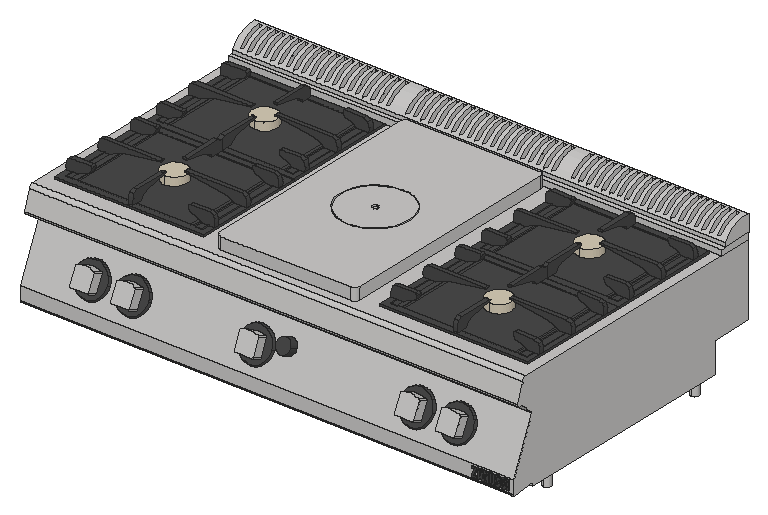
Revit family "QF_ZANUSSI_372012_Z7STGL5000", category Specialty Equipment, Revit 2018
Family settings
  Round Connector Dimension = Use Diameter
  Part Type = Normal
  Work Plane-Based = No
  Always vertical = Yes
  Cut with Voids When Loaded = No
  Shared = No
  Room Calculation Point = No
Parameters
  Weight = 70.00 kg
  Watts = 0 W
  Volts = 0 V
  URL Manufacturer = ""
  URL = ""
  Steam Supply Size = 0"
  Steam Supply Minimum Pressure = 0.00 psi
  Steam Supply Maximum Pressure = 0.00 psi
  Steam Pounds per Hour = 0
  Show Logo [instance] = yes
  Show Clearance [instance] = yes
  Refrigeration Suction Line Size = 0"
  Refrigeration Liquid Line Size = 0"
  Refrigerant Compressor Remote = yes
  Phase = 0
  Model = ""
  Manufacturer = ""
  Length Actual = 1200 mm  # constant formula
  Item Number = ""
  Hot Water Size = 0"
  Height Actual = 250 mm  # constant formula
  HP = "0 HP"
  Gas Size = 0"
  Gas KW = 0
  Gas Input Pressure = 0.0 Btu/h
  Direct Waste Size = 0"
  Description = ""
  Depth Actual = 700 mm  # constant formula
  Cycle = 0 Hz
  Condensate Return Size = 0"
  Compressed Air Volume = 0 GPM
  Compressed Air Size = 0"
  Compressed Air Pressure = 0.00 psi
  Cold Water Size = 0"
  Assembly Code = ""
  Accessory = yes
Reference planes
  plane 1 "BACK": y = 0
  plane 2: z = 0
  plane 3 "LEFT": x = 0
  plane 4 "RIGHT": x = 1200
  plane 5 "FRONT": y = -715
  plane 6 "TOP": z = 900
  plane 7 "Center Y": x = 600
  plane 8 "Center X": y = -357.5
  plane 9: z = 650
  plane 10: z = 957.2
  plane 11: z = 625
Forms (mm)
  Extrusion 1, solid, material "QF_Finishes_Stainless Steel"
    sketch origin (0, 0, 626) x (0, 1, 0) y (0, 0, 1)
      loop
        line (0, 98) -> (0, 274) -> (-676.921, 274)
        arc (-676.921, 274) -> (-683.617, 271.727) -> (-687.546, 265.848) r 11
        line (-687.546, 265.848) -> (-699.862, 219.896)
        arc (-699.862, 219.896) -> (-698.939, 216.124) -> (-695.262, 214.875) r 4.037
        line (-695.262, 214.875) -> (-688.896, 215.997) -> (-659.121, 186.223) -> (-715, 64.815) -> (-715, 31.789)
        arc (-715, 31.789) -> (-713.863, 29.235) -> (-711.204, 28.371) r 3.437
        line (-711.204, 28.371) -> (-655.714, 34.203) -> (-655.714, 24) -> (-103, 24) -> (-103, 98) -> (0, 98)
    from 0 to 1200
  Extrusion 2, solid, material "QF_Finishes_Stainless Steel"
    sketch origin (-6096, 930.775, 650) x (0, 1, 0) y (-1, 0, 0)
      loop
        circle (-1079.775, -6107) r 9.5
      loop
        circle (-1079.775, -7285) r 9.5
      loop
        circle (-1529.775, -7285) r 9.5
      loop
        circle (-1529.775, -6107) r 9.5
    from -25 to 0
  Extrusion 3, solid, material "QF_Finishes_Stainless Steel"
    sketch origin (0, -103.188, 649.813) x (0, 0, 1) y (1, 0, 0)
      loop
        circle (37.187, 1148) r 6.35
    from 0.188 to 26.988
  Extrusion 4, solid, material "QF_Finishes_Clearance", visible <- "Show Clearance", detail levels coarse
    sketch origin (0, 0, 626) x (1, 0, 0) y (0, 1, 0)
      loop
        line (0, -715) -> (0, 0) -> (1200, 0) -> (1200, -715) -> (1350, -715) -> (1350, 150) -> (-150, 150) -> (-150, -715) -> (0, -715)
    from -1 to 331.2
  Extrusion 5, solid, material "QF_Finishes_Stainless Steel"
    sketch origin (17.4, 0, 900.638) x (0, -1, 0) y (1, 0, 0)
      loop
        arc (82.3, 425.3) -> (86.02, 416.32) -> (95, 412.6) r 12.7
        line (95, 412.6) -> (644.6, 412.6)
        arc (644.6, 412.6) -> (653.58, 416.32) -> (657.3, 425.3) r 12.7
        line (657.3, 425.3) -> (657.3, 739.9)
        arc (657.3, 739.9) -> (653.58, 748.88) -> (644.6, 752.6) r 12.7
        line (644.6, 752.6) -> (95, 752.6)
        arc (95, 752.6) -> (86.02, 748.88) -> (82.3, 739.9) r 12.7
        line (82.3, 739.9) -> (82.3, 425.3)
      loop
        circle (384.8, 582.6) r 82.55
      loop
        circle (384.8, 582.749) r 7
      loop
        arc (313.794, 630.138) -> (325.308, 521.513) -> (434.193, 512.789) r 85.532
        arc (434.193, 512.789) -> (460.44, 542.808) -> (470.242, 581.461) r 85.614
        arc (470.242, 581.461) -> (410.186, 664.192) -> (313.794, 630.138) r 85.45
    from 0 to 28.575
  Extrusion 6, solid, material "QF_Finishes_Stainless Steel"
    sketch origin (-0.019, 12.7, 900.638) x (0, -1, 0) y (1, 0, 0)
      loop
        circle (397.5, 600) r 7
    from 0 to 26.981
  Blend 7, solid, material "QF_Finishes_Black"
    base sketch origin (154.705, -688.858, 747.613) x (1, 0, 0) y (0, 0.418102, 0.9084)
      loop
        circle (0, 0) r 42.5
    top sketch origin (154.705, -688.858, 747.613) x (1, 0, 0) y (0, 0.418102, 0.9084)
      loop
        circle (0, 0) r 40.5
    from 0 to 5
  Extrusion 8, solid, material "QF_Finishes_Stainless Steel"
    sketch origin (154.705, -688.858, 747.613) x (1, 0, 0) y (0, 0.418102, 0.9084)
      loop
        arc (-21.147, 22.789) -> (-22.494, 21.685) -> (-23, 20.019) r 2.997
        line (-23, 20.019) -> (-23, -20.019)
        arc (-23, -20.019) -> (-22.122, -22.138) -> (-20.003, -23.016) r 2.997
        line (-20.003, -23.016) -> (20.003, -23.016)
        arc (20.003, -23.016) -> (22.122, -22.138) -> (23, -20.019) r 2.997
        line (23, -20.019) -> (23, 20.019)
        arc (23, 20.019) -> (22.494, 21.685) -> (21.147, 22.789) r 2.997
        arc (21.147, 22.789) -> (0, 26.984) -> (-21.147, 22.789) r 55.4
    from 10 to 34
  Extrusion 9, solid, material "QF_Finishes_Stainless Steel"
    sketch origin (154.705, -688.858, 747.613) x (1, 0, 0) y (0, 0.418102, 0.9084)
      loop
        line (17.5, 17.5) -> (-17.5, 17.5) -> (-17.5, -17.5) -> (17.5, -17.5) -> (17.5, 17.5)
    from 5 to 10
  Extrusion 10, solid, material "QF_Finishes_Stainless Steel"
    sketch origin (254.705, -688.858, 747.613) x (-1, 0, 0) y (0, -0.418102, -0.9084)
      loop
        line (17.5, -17.5) -> (17.5, 17.5) -> (-17.5, 17.5) -> (-17.5, -17.5) -> (17.5, -17.5)
    from 5 to 10
  Blend 11, solid, material "QF_Finishes_Black"
    base sketch origin (254.705, -688.858, 747.613) x (1, 0, 0) y (0, 0.418102, 0.9084)
      loop
        circle (0, 0) r 42.5
    top sketch origin (254.705, -688.858, 747.613) x (1, 0, 0) y (0, 0.418102, 0.9084)
      loop
        circle (0, 0) r 40.5
    from 0 to 5
  Extrusion 12, solid, material "QF_Finishes_Stainless Steel"
    sketch origin (254.705, -688.858, 747.613) x (-1, 0, 0) y (0, -0.418102, -0.9084)
      loop
        arc (-21.147, -22.789) -> (0, -26.984) -> (21.147, -22.789) r 55.4
        arc (21.147, -22.789) -> (22.494, -21.685) -> (23, -20.019) r 2.997
        line (23, -20.019) -> (23, 20.019)
        arc (23, 20.019) -> (22.122, 22.138) -> (20.003, 23.016) r 2.997
        line (20.003, 23.016) -> (-20.003, 23.016)
        arc (-20.003, 23.016) -> (-22.122, 22.138) -> (-23, 20.019) r 2.997
        line (-23, 20.019) -> (-23, -20.019)
        arc (-23, -20.019) -> (-22.494, -21.685) -> (-21.147, -22.789) r 2.997
    from 10 to 34
  Blend 13, solid, material "QF_Finishes_Black"
    base sketch origin (555, -688.858, 747.613) x (1, 0, 0) y (0, 0.418102, 0.9084)
      loop
        circle (0, 0) r 42.5
    top sketch origin (555, -688.858, 747.613) x (1, 0, 0) y (0, 0.418102, 0.9084)
      loop
        circle (0, 0) r 40.5
    from 0 to 5
  Extrusion 14, solid, material "QF_Finishes_Stainless Steel"
    sketch origin (555, -688.858, 747.613) x (1, 0, 0) y (0, 0.418102, 0.9084)
      loop
        arc (-21.147, 22.789) -> (-22.494, 21.685) -> (-23, 20.019) r 2.997
        line (-23, 20.019) -> (-23, -20.019)
        arc (-23, -20.019) -> (-22.122, -22.138) -> (-20.003, -23.016) r 2.997
        line (-20.003, -23.016) -> (20.003, -23.016)
        arc (20.003, -23.016) -> (22.122, -22.138) -> (23, -20.019) r 2.997
        line (23, -20.019) -> (23, 20.019)
        arc (23, 20.019) -> (22.494, 21.685) -> (21.147, 22.789) r 2.997
        arc (21.147, 22.789) -> (0, 26.984) -> (-21.147, 22.789) r 55.4
    from 10 to 34
  Extrusion 15, solid, material "QF_Finishes_Stainless Steel"
    sketch origin (555, -688.858, 747.613) x (1, 0, 0) y (0, 0.418102, 0.9084)
      loop
        line (17.5, 17.5) -> (-17.5, 17.5) -> (-17.5, -17.5) -> (17.5, -17.5) -> (17.5, 17.5)
    from 5 to 10
  Extrusion 16, solid, material "QF_Finishes_Black"
    sketch origin (684.727, -680.496, 765.781) x (1, 0, 0) y (0, 0.418102, 0.9084)
      loop
        circle (-55.001, 0) r 18
    from 3 to 23
  Blend 17, solid, material "QF_Finishes_Black"
    base sketch origin (945.295, -688.858, 747.613) x (1, 0, 0) y (0, 0.418102, 0.9084)
      loop
        circle (0, 0) r 42.5
    top sketch origin (945.295, -688.858, 747.613) x (1, 0, 0) y (0, 0.418102, 0.9084)
      loop
        circle (0, 0) r 40.5
    from 0 to 5
  Extrusion 18, solid, material "QF_Finishes_Stainless Steel"
    sketch origin (945.295, -688.858, 747.613) x (1, 0, 0) y (0, 0.418102, 0.9084)
      loop
        arc (-21.147, 22.789) -> (-22.494, 21.685) -> (-23, 20.019) r 2.997
        line (-23, 20.019) -> (-23, -20.019)
        arc (-23, -20.019) -> (-22.122, -22.138) -> (-20.003, -23.016) r 2.997
        line (-20.003, -23.016) -> (20.003, -23.016)
        arc (20.003, -23.016) -> (22.122, -22.138) -> (23, -20.019) r 2.997
        line (23, -20.019) -> (23, 20.019)
        arc (23, 20.019) -> (22.494, 21.685) -> (21.147, 22.789) r 2.997
        arc (21.147, 22.789) -> (0, 26.984) -> (-21.147, 22.789) r 55.4
    from 10 to 34
  Extrusion 19, solid, material "QF_Finishes_Stainless Steel"
    sketch origin (945.295, -688.858, 747.613) x (1, 0, 0) y (0, 0.418102, 0.9084)
      loop
        line (17.5, 17.5) -> (-17.5, 17.5) -> (-17.5, -17.5) -> (17.5, -17.5) -> (17.5, 17.5)
    from 5 to 10
  Extrusion 20, solid, material "QF_Finishes_Stainless Steel"
    sketch origin (1045.295, -688.858, 747.613) x (-1, 0, 0) y (0, -0.418102, -0.9084)
      loop
        line (17.5, -17.5) -> (17.5, 17.5) -> (-17.5, 17.5) -> (-17.5, -17.5) -> (17.5, -17.5)
    from 5 to 10
  Blend 21, solid, material "QF_Finishes_Black"
    base sketch origin (1045.295, -688.858, 747.613) x (1, 0, 0) y (0, 0.418102, 0.9084)
      loop
        circle (0, 0) r 42.5
    top sketch origin (1045.295, -688.858, 747.613) x (1, 0, 0) y (0, 0.418102, 0.9084)
      loop
        circle (0, 0) r 40.5
    from 0 to 5
  Extrusion 22, solid, material "QF_Finishes_Stainless Steel"
    sketch origin (1045.295, -688.858, 747.613) x (-1, 0, 0) y (0, -0.418102, -0.9084)
      loop
        arc (-21.147, -22.789) -> (0, -26.984) -> (21.147, -22.789) r 55.4
        arc (21.147, -22.789) -> (22.494, -21.685) -> (23, -20.019) r 2.997
        line (23, -20.019) -> (23, 20.019)
        arc (23, 20.019) -> (22.122, 22.138) -> (20.003, 23.016) r 2.997
        line (20.003, 23.016) -> (-20.003, 23.016)
        arc (-20.003, 23.016) -> (-22.122, 22.138) -> (-23, 20.019) r 2.997
        line (-23, 20.019) -> (-23, -20.019)
        arc (-23, -20.019) -> (-22.494, -21.685) -> (-21.147, -22.789) r 2.997
    from 10 to 34
  Extrusion 23, solid, material "QF_Finishes_Stainless Steel"
    sketch origin (0, 0, 625.388) x (0, 1, 0) y (0, 0, 1)
      loop
        line (0, 274.612) -> (0, 288.9) -> (-82, 288.9) -> (-82, 274.612) -> (0, 274.612)
    from 0 to 1200
  Extrusion 24, void
    sketch origin (34.989, 0, 914.313) x (-1, 0, 0) y (0, -1, 0)
      loop
        line (-335.017, 6.761) -> (-335.017, 63.911) -> (-344.313, 63.911) -> (-344.313, 6.761) -> (-335.017, 6.761)
      loop
        line (-316.325, 6.761) -> (-316.325, 63.911) -> (-325.62, 63.911) -> (-325.62, 6.761) -> (-316.325, 6.761)
      loop
        line (-297.632, 6.761) -> (-297.632, 63.911) -> (-306.928, 63.911) -> (-306.928, 6.761) -> (-297.632, 6.761)
      loop
        line (-278.94, 6.761) -> (-278.94, 63.911) -> (-288.235, 63.911) -> (-288.235, 6.761) -> (-278.94, 6.761)
      loop
        line (-260.247, 6.761) -> (-260.247, 63.911) -> (-269.543, 63.911) -> (-269.543, 6.761) -> (-260.247, 6.761)
      loop
        line (-241.554, 6.761) -> (-241.554, 63.911) -> (-250.85, 63.911) -> (-250.85, 6.761) -> (-241.554, 6.761)
      loop
        line (-222.862, 6.761) -> (-222.862, 63.911) -> (-232.157, 63.911) -> (-232.157, 6.761) -> (-222.862, 6.761)
      loop
        line (-204.169, 6.761) -> (-204.169, 63.911) -> (-213.465, 63.911) -> (-213.465, 6.761) -> (-204.169, 6.761)
      loop
        line (-185.476, 6.761) -> (-185.476, 63.911) -> (-194.772, 63.911) -> (-194.772, 6.761) -> (-185.476, 6.761)
      loop
        line (-166.784, 6.761) -> (-166.784, 63.911) -> (-176.08, 63.911) -> (-176.08, 6.761) -> (-166.784, 6.761)
      loop
        line (-148.091, 6.761) -> (-148.091, 63.911) -> (-157.387, 63.911) -> (-157.387, 6.761) -> (-148.091, 6.761)
      loop
        line (-129.399, 6.761) -> (-129.399, 63.911) -> (-138.694, 63.911) -> (-138.694, 6.761) -> (-129.399, 6.761)
      loop
        line (-110.706, 6.761) -> (-110.706, 63.911) -> (-120.002, 63.911) -> (-120.002, 6.761) -> (-110.706, 6.761)
      loop
        line (-92.013, 6.761) -> (-92.013, 63.911) -> (-101.309, 63.911) -> (-101.309, 6.761) -> (-92.013, 6.761)
      loop
        line (-73.321, 6.761) -> (-73.321, 63.911) -> (-82.617, 63.911) -> (-82.617, 6.761) -> (-73.321, 6.761)
      loop
        line (-54.628, 6.761) -> (-54.628, 63.911) -> (-63.924, 63.911) -> (-63.924, 6.761) -> (-54.628, 6.761)
      loop
        line (-35.936, 6.761) -> (-35.936, 63.911) -> (-45.231, 63.911) -> (-45.231, 6.761) -> (-35.936, 6.761)
      loop
        line (-17.243, 6.761) -> (-17.243, 63.911) -> (-26.539, 63.911) -> (-26.539, 6.761) -> (-17.243, 6.761)
      loop
        line (1.45, 6.761) -> (1.45, 63.911) -> (-7.846, 63.911) -> (-7.846, 6.761) -> (1.45, 6.761)
      loop
        line (20.142, 6.761) -> (20.142, 63.911) -> (10.846, 63.911) -> (10.846, 6.761) -> (20.142, 6.761)
      loop
        line (-795.005, 6.761) -> (-785.709, 6.761) -> (-785.709, 63.911) -> (-795.005, 63.911) -> (-795.005, 6.761)
      loop
        line (-813.697, 6.761) -> (-804.401, 6.761) -> (-804.401, 63.911) -> (-813.697, 63.911) -> (-813.697, 6.761)
      loop
        line (-832.39, 6.761) -> (-823.094, 6.761) -> (-823.094, 63.911) -> (-832.39, 63.911) -> (-832.39, 6.761)
      loop
        line (-851.082, 6.761) -> (-841.787, 6.761) -> (-841.787, 63.911) -> (-851.082, 63.911) -> (-851.082, 6.761)
      loop
        line (-869.775, 6.761) -> (-860.479, 6.761) -> (-860.479, 63.911) -> (-869.775, 63.911) -> (-869.775, 6.761)
      loop
        line (-888.468, 6.761) -> (-879.172, 6.761) -> (-879.172, 63.911) -> (-888.468, 63.911) -> (-888.468, 6.761)
      loop
        line (-907.16, 6.761) -> (-897.864, 6.761) -> (-897.864, 63.911) -> (-907.16, 63.911) -> (-907.16, 6.761)
      loop
        line (-925.853, 6.761) -> (-916.557, 6.761) -> (-916.557, 63.911) -> (-925.853, 63.911) -> (-925.853, 6.761)
      loop
        line (-944.545, 6.761) -> (-935.25, 6.761) -> (-935.25, 63.911) -> (-944.545, 63.911) -> (-944.545, 6.761)
      loop
        line (-963.238, 6.761) -> (-953.942, 6.761) -> (-953.942, 63.911) -> (-963.238, 63.911) -> (-963.238, 6.761)
      loop
        line (-981.931, 6.761) -> (-972.635, 6.761) -> (-972.635, 63.911) -> (-981.931, 63.911) -> (-981.931, 6.761)
      loop
        line (-1000.623, 6.761) -> (-991.328, 6.761) -> (-991.328, 63.911) -> (-1000.623, 63.911) -> (-1000.623, 6.761)
      loop
        line (-1019.316, 6.761) -> (-1010.02, 6.761) -> (-1010.02, 63.911) -> (-1019.316, 63.911) -> (-1019.316, 6.761)
      loop
        line (-1038.008, 6.761) -> (-1028.713, 6.761) -> (-1028.713, 63.911) -> (-1038.008, 63.911) -> (-1038.008, 6.761)
      loop
        line (-1056.701, 6.761) -> (-1047.405, 6.761) -> (-1047.405, 63.911) -> (-1056.701, 63.911) -> (-1056.701, 6.761)
      loop
        line (-1075.394, 6.761) -> (-1066.098, 6.761) -> (-1066.098, 63.911) -> (-1075.394, 63.911) -> (-1075.394, 6.761)
      loop
        line (-1094.086, 6.761) -> (-1084.791, 6.761) -> (-1084.791, 63.911) -> (-1094.086, 63.911) -> (-1094.086, 6.761)
      loop
        line (-1112.779, 6.761) -> (-1103.483, 6.761) -> (-1103.483, 63.911) -> (-1112.779, 63.911) -> (-1112.779, 6.761)
      loop
        line (-1131.472, 6.761) -> (-1122.176, 6.761) -> (-1122.176, 63.911) -> (-1131.472, 63.911) -> (-1131.472, 6.761)
      loop
        line (-1150.164, 6.761) -> (-1140.868, 6.761) -> (-1140.868, 63.911) -> (-1150.164, 63.911) -> (-1150.164, 6.761)
      loop
        line (-392.079, 6.761) -> (-382.783, 6.761) -> (-382.783, 63.911) -> (-392.079, 63.911) -> (-392.079, 6.761)
      loop
        line (-410.772, 6.761) -> (-401.476, 6.761) -> (-401.476, 63.911) -> (-410.772, 63.911) -> (-410.772, 6.761)
      loop
        line (-429.464, 6.761) -> (-420.169, 6.761) -> (-420.169, 63.911) -> (-429.464, 63.911) -> (-429.464, 6.761)
      loop
        line (-448.157, 6.761) -> (-438.861, 6.761) -> (-438.861, 63.911) -> (-448.157, 63.911) -> (-448.157, 6.761)
      loop
        line (-466.849, 6.761) -> (-457.554, 6.761) -> (-457.554, 63.911) -> (-466.849, 63.911) -> (-466.849, 6.761)
      loop
        line (-485.542, 6.761) -> (-476.246, 6.761) -> (-476.246, 63.911) -> (-485.542, 63.911) -> (-485.542, 6.761)
      loop
        line (-504.235, 6.761) -> (-494.939, 6.761) -> (-494.939, 63.911) -> (-504.235, 63.911) -> (-504.235, 6.761)
      loop
        line (-522.927, 6.761) -> (-513.632, 6.761) -> (-513.632, 63.911) -> (-522.927, 63.911) -> (-522.927, 6.761)
      loop
        line (-541.62, 6.761) -> (-532.324, 6.761) -> (-532.324, 63.911) -> (-541.62, 63.911) -> (-541.62, 6.761)
      loop
        line (-560.313, 6.761) -> (-551.017, 6.761) -> (-551.017, 63.911) -> (-560.313, 63.911) -> (-560.313, 6.761)
      loop
        line (-579.005, 6.761) -> (-569.709, 6.761) -> (-569.709, 63.911) -> (-579.005, 63.911) -> (-579.005, 6.761)
      loop
        line (-597.698, 6.761) -> (-588.402, 6.761) -> (-588.402, 63.911) -> (-597.698, 63.911) -> (-597.698, 6.761)
      loop
        line (-616.39, 6.761) -> (-607.095, 6.761) -> (-607.095, 63.911) -> (-616.39, 63.911) -> (-616.39, 6.761)
      loop
        line (-635.083, 6.761) -> (-625.787, 6.761) -> (-625.787, 63.911) -> (-635.083, 63.911) -> (-635.083, 6.761)
      loop
        line (-653.776, 6.761) -> (-644.48, 6.761) -> (-644.48, 63.911) -> (-653.776, 63.911) -> (-653.776, 6.761)
      loop
        line (-672.468, 6.761) -> (-663.172, 6.761) -> (-663.172, 63.911) -> (-672.468, 63.911) -> (-672.468, 6.761)
      loop
        line (-691.161, 6.761) -> (-681.865, 6.761) -> (-681.865, 63.911) -> (-691.161, 63.911) -> (-691.161, 6.761)
      loop
        line (-709.853, 6.761) -> (-700.558, 6.761) -> (-700.558, 63.911) -> (-709.853, 63.911) -> (-709.853, 6.761)
      loop
        line (-728.546, 6.761) -> (-719.25, 6.761) -> (-719.25, 63.911) -> (-728.546, 63.911) -> (-728.546, 6.761)
      loop
        line (-747.239, 6.761) -> (-737.943, 6.761) -> (-737.943, 63.911) -> (-747.239, 63.911) -> (-747.239, 6.761)
    from 9.525 to 45.348
  Extrusion 25, solid, material "QF_Finishes_Stainless Steel"
    sketch origin (0, 0, 639.675) x (0, 1, 0) y (0, 0, 1)
      loop
        line (0, 274.613) -> (0, 317.5)
        arc (0, 317.5) -> (-38.885, 309.109) -> (-69.85, 284.137) r 86.116
        line (-69.85, 284.137) -> (-69.85, 274.613) -> (0, 274.613)
    from 0 to 1200
Cuts and joins
  Extrusion 24 cuts Extrusion 25
Lines and regions (mm)
  symbolic lines
    curve 1: line (0, 0, 0) -> (0, -715, 0)
    curve 2: line (1200, 0, 0) -> (0, 0, 0)
    curve 3: line (1200, -715, 0) -> (1200, 0, 0)
    curve 4: line (0, -76.2, 0) -> (1200, -76.2, 0)
    curve 5: line (0, -69.85, 0) -> (1200, -69.85, 0)
    curve 6: line (14.847, -63.911, 0) -> (14.847, -6.761, 0)
    curve 7: line (14.847, -6.761, 0) -> (24.143, -6.761, 0)
    curve 8: line (24.143, -6.761, 0) -> (24.143, -63.911, 0)
    curve 9: line (24.143, -63.911, 0) -> (14.847, -63.911, 0)
    curve 10: line (33.539, -63.911, 0) -> (33.539, -6.761, 0)
    curve 11: line (33.539, -6.761, 0) -> (42.835, -6.761, 0)
    curve 12: line (42.835, -6.761, 0) -> (42.835, -63.911, 0)
    curve 13: line (42.835, -63.911, 0) -> (33.539, -63.911, 0)
    curve 14: line (52.232, -63.911, 0) -> (52.232, -6.761, 0)
    curve 15: line (52.232, -6.761, 0) -> (61.528, -6.761, 0)
    curve 16: line (61.528, -6.761, 0) -> (61.528, -63.911, 0)
    curve 17: line (61.528, -63.911, 0) -> (52.232, -63.911, 0)
    curve 18: line (70.925, -63.911, 0) -> (70.925, -6.761, 0)
    curve 19: line (70.925, -6.761, 0) -> (80.22, -6.761, 0)
    curve 20: line (80.22, -6.761, 0) -> (80.22, -63.911, 0)
    curve 21: line (80.22, -63.911, 0) -> (70.925, -63.911, 0)
    curve 22: line (89.617, -63.911, 0) -> (89.617, -6.761, 0)
    curve 23: line (89.617, -6.761, 0) -> (98.913, -6.761, 0)
    curve 24: line (98.913, -6.761, 0) -> (98.913, -63.911, 0)
    curve 25: line (98.913, -63.911, 0) -> (89.617, -63.911, 0)
    curve 26: line (108.31, -63.911, 0) -> (108.31, -6.761, 0)
    curve 27: line (108.31, -6.761, 0) -> (117.606, -6.761, 0)
    curve 28: line (117.606, -6.761, 0) -> (117.606, -63.911, 0)
    curve 29: line (117.606, -63.911, 0) -> (108.31, -63.911, 0)
    curve 30: line (127.002, -63.911, 0) -> (127.002, -6.761, 0)
    curve 31: line (127.002, -6.761, 0) -> (136.298, -6.761, 0)
    curve 32: line (136.298, -6.761, 0) -> (136.298, -63.911, 0)
    curve 33: line (136.298, -63.911, 0) -> (127.002, -63.911, 0)
    curve 34: line (145.695, -63.911, 0) -> (145.695, -6.761, 0)
    curve 35: line (145.695, -6.761, 0) -> (154.991, -6.761, 0)
    curve 36: line (154.991, -6.761, 0) -> (154.991, -63.911, 0)
    curve 37: line (154.991, -63.911, 0) -> (145.695, -63.911, 0)
    curve 38: line (164.388, -63.911, 0) -> (164.388, -6.761, 0)
    curve 39: line (164.388, -6.761, 0) -> (173.683, -6.761, 0)
    curve 40: line (173.683, -6.761, 0) -> (173.683, -63.911, 0)
    curve 41: line (173.683, -63.911, 0) -> (164.388, -63.911, 0)
    curve 42: line (183.08, -63.911, 0) -> (183.08, -6.761, 0)
    curve 43: line (183.08, -6.761, 0) -> (192.376, -6.761, 0)
    curve 44: line (192.376, -6.761, 0) -> (192.376, -63.911, 0)
    curve 45: line (192.376, -63.911, 0) -> (183.08, -63.911, 0)
    curve 46: line (201.773, -63.911, 0) -> (201.773, -6.761, 0)
    curve 47: line (201.773, -6.761, 0) -> (211.069, -6.761, 0)
    curve 48: line (211.069, -6.761, 0) -> (211.069, -63.911, 0)
    curve 49: line (211.069, -63.911, 0) -> (201.773, -63.911, 0)
    curve 50: line (220.466, -63.911, 0) -> (220.466, -6.761, 0)
    curve 51: line (220.466, -6.761, 0) -> (229.761, -6.761, 0)
    curve 52: line (229.761, -6.761, 0) -> (229.761, -63.911, 0)
    curve 53: line (229.761, -63.911, 0) -> (220.466, -63.911, 0)
    curve 54: line (239.158, -63.911, 0) -> (239.158, -6.761, 0)
    curve 55: line (239.158, -6.761, 0) -> (248.454, -6.761, 0)
    curve 56: line (248.454, -6.761, 0) -> (248.454, -63.911, 0)
    curve 57: line (248.454, -63.911, 0) -> (239.158, -63.911, 0)
    curve 58: line (370.006, -63.911, 0) -> (370.006, -6.761, 0)
    curve 59: line (370.006, -6.761, 0) -> (379.302, -6.761, 0)
    curve 60: line (379.302, -6.761, 0) -> (379.302, -63.911, 0)
    curve 61: line (379.302, -63.911, 0) -> (370.006, -63.911, 0)
    curve 62: line (351.314, -63.911, 0) -> (351.314, -6.761, 0)
    curve 63: line (351.314, -6.761, 0) -> (360.61, -6.761, 0)
    curve 64: line (360.61, -6.761, 0) -> (360.61, -63.911, 0)
    curve 65: line (360.61, -63.911, 0) -> (351.314, -63.911, 0)
    curve 66: line (332.621, -63.911, 0) -> (332.621, -6.761, 0)
    curve 67: line (332.621, -6.761, 0) -> (341.917, -6.761, 0)
    curve 68: line (341.917, -6.761, 0) -> (341.917, -63.911, 0)
    curve 69: line (341.917, -63.911, 0) -> (332.621, -63.911, 0)
    curve 70: line (313.929, -63.911, 0) -> (313.929, -6.761, 0)
    curve 71: line (313.929, -6.761, 0) -> (323.224, -6.761, 0)
    curve 72: line (323.224, -6.761, 0) -> (323.224, -63.911, 0)
    curve 73: line (323.224, -63.911, 0) -> (313.929, -63.911, 0)
    curve 74: line (295.236, -63.911, 0) -> (295.236, -6.761, 0)
    curve 75: line (295.236, -6.761, 0) -> (304.532, -6.761, 0)
    curve 76: line (304.532, -6.761, 0) -> (304.532, -63.911, 0)
    curve 77: line (304.532, -63.911, 0) -> (295.236, -63.911, 0)
    curve 78: line (276.543, -63.911, 0) -> (276.543, -6.761, 0)
    curve 79: line (276.543, -6.761, 0) -> (285.839, -6.761, 0)
    curve 80: line (285.839, -6.761, 0) -> (285.839, -63.911, 0)
    curve 81: line (285.839, -63.911, 0) -> (276.543, -63.911, 0)
    curve 82: line (257.851, -63.911, 0) -> (257.851, -6.761, 0)
    curve 83: line (257.851, -6.761, 0) -> (267.146, -6.761, 0)
    curve 84: line (267.146, -6.761, 0) -> (267.146, -63.911, 0)
    curve 85: line (267.146, -63.911, 0) -> (257.851, -63.911, 0)
    curve 89: line (430, -95, 150) -> (430, -644.6, 150)
    curve 90: arc (430, -644.6, 150) -> (433.72, -653.58, 150) -> (442.7, -657.3, 150) r 12.7
    curve 91: line (442.7, -657.3, 150) -> (757.3, -657.3, 150)
    curve 92: line (757.3, -82.3, 150) -> (442.7, -82.3, 150)
    curve 93: arc (442.7, -82.3, 150) -> (433.72, -86.02, 150) -> (430, -95, 150) r 12.7
    curve 94: line (770, -644.6, 150) -> (770, -95, 150)
    curve 95: arc (770, -95, 150) -> (766.28, -86.02, 150) -> (757.3, -82.3, 150) r 12.7
    curve 96: arc (757.3, -657.3, 150) -> (766.28, -653.58, 150) -> (770, -644.6, 150) r 12.7
    curve 97: arc (610.598, -469.59, 150) -> (543.814, -449.18, 150) -> (514.556, -385.772, 150) r 85.45
    curve 98: arc (608.565, -299.78, 150) -> (662.771, -326.821, 150) -> (685.431, -382.999, 150) r 85.45
    curve 99: arc (600, -302.25, 150) -> (517.45, -384.8, 150) -> (600, -467.35, 150) r 82.55
    curve 100: arc (600, -467.35, 150) -> (682.55, -384.8, 150) -> (600, -302.25, 150) r 82.55
    curve 101: arc (600, -377.8, 150) -> (607, -384.8, 150) -> (600, -391.8, 150) r 7
    curve 102: arc (600, -391.8, 150) -> (593, -384.8, 150) -> (600, -377.8, 150) r 7
    curve 103: line (430, -382.999, 150) -> (514.569, -382.999, 150)
    curve 104: line (430, -385.772, 150) -> (514.556, -385.772, 150)
    curve 105: line (685.444, -385.772, 150) -> (770, -385.772, 150)
    curve 106: line (685.431, -382.999, 150) -> (770, -382.999, 150)
    curve 107: arc (514.569, -382.999, 150) -> (543.357, -320.821, 150) -> (608.565, -299.78, 150) r 85.45
    curve 108: arc (685.444, -385.772, 150) -> (663.737, -441.715, 150) -> (610.598, -469.59, 150) r 85.45
    curve 109: line (417.772, -63.911, 0) -> (417.772, -6.761, 0)
    curve 110: line (417.772, -6.761, 0) -> (427.068, -6.761, 0)
    curve 111: line (427.068, -6.761, 0) -> (427.068, -63.911, 0)
    curve 112: line (427.068, -63.911, 0) -> (417.772, -63.911, 0)
    curve 113: line (436.465, -63.911, 0) -> (436.465, -6.761, 0)
    curve 114: line (436.465, -6.761, 0) -> (445.761, -6.761, 0)
    curve 115: line (445.761, -6.761, 0) -> (445.761, -63.911, 0)
    curve 116: line (445.761, -63.911, 0) -> (436.465, -63.911, 0)
    curve 117: line (455.158, -63.911, 0) -> (455.158, -6.761, 0)
    curve 118: line (455.158, -6.761, 0) -> (464.453, -6.761, 0)
    curve 119: line (464.453, -6.761, 0) -> (464.453, -63.911, 0)
    curve 120: line (464.453, -63.911, 0) -> (455.158, -63.911, 0)
    curve 121: line (473.85, -63.911, 0) -> (473.85, -6.761, 0)
    curve 122: line (473.85, -6.761, 0) -> (483.146, -6.761, 0)
    curve 123: line (483.146, -6.761, 0) -> (483.146, -63.911, 0)
    curve 124: line (483.146, -63.911, 0) -> (473.85, -63.911, 0)
    curve 125: line (492.543, -63.911, 0) -> (492.543, -6.761, 0)
    curve 126: line (492.543, -6.761, 0) -> (501.839, -6.761, 0)
    curve 127: line (501.839, -6.761, 0) -> (501.839, -63.911, 0)
    curve 128: line (501.839, -63.911, 0) -> (492.543, -63.911, 0)
    curve 129: line (511.235, -63.911, 0) -> (511.235, -6.761, 0)
    curve 130: line (511.235, -6.761, 0) -> (520.531, -6.761, 0)
    curve 131: line (520.531, -6.761, 0) -> (520.531, -63.911, 0)
    curve 132: line (520.531, -63.911, 0) -> (511.235, -63.911, 0)
    curve 133: line (529.928, -63.911, 0) -> (529.928, -6.761, 0)
    curve 134: line (529.928, -6.761, 0) -> (539.224, -6.761, 0)
    curve 135: line (539.224, -6.761, 0) -> (539.224, -63.911, 0)
    curve 136: line (539.224, -63.911, 0) -> (529.928, -63.911, 0)
    curve 137: line (548.621, -63.911, 0) -> (548.621, -6.761, 0)
    curve 138: line (548.621, -6.761, 0) -> (557.916, -6.761, 0)
    curve 139: line (557.916, -6.761, 0) -> (557.916, -63.911, 0)
    curve 140: line (557.916, -63.911, 0) -> (548.621, -63.911, 0)
    curve 141: line (567.313, -63.911, 0) -> (567.313, -6.761, 0)
    curve 142: line (567.313, -6.761, 0) -> (576.609, -6.761, 0)
    curve 143: line (576.609, -6.761, 0) -> (576.609, -63.911, 0)
    curve 144: line (576.609, -63.911, 0) -> (567.313, -63.911, 0)
    curve 145: line (586.006, -63.911, 0) -> (586.006, -6.761, 0)
    curve 146: line (586.006, -6.761, 0) -> (595.302, -6.761, 0)
    curve 147: line (595.302, -6.761, 0) -> (595.302, -63.911, 0)
    curve 148: line (595.302, -63.911, 0) -> (586.006, -63.911, 0)
    curve 149: line (604.698, -63.911, 0) -> (604.698, -6.761, 0)
    curve 150: line (604.698, -6.761, 0) -> (613.994, -6.761, 0)
    curve 151: line (613.994, -6.761, 0) -> (613.994, -63.911, 0)
    curve 152: line (613.994, -63.911, 0) -> (604.698, -63.911, 0)
    curve 153: line (623.391, -63.911, 0) -> (623.391, -6.761, 0)
    curve 154: line (623.391, -6.761, 0) -> (632.687, -6.761, 0)
    curve 155: line (632.687, -6.761, 0) -> (632.687, -63.911, 0)
    curve 156: line (632.687, -63.911, 0) -> (623.391, -63.911, 0)
    curve 157: line (642.084, -63.911, 0) -> (642.084, -6.761, 0)
    curve 158: line (642.084, -6.761, 0) -> (651.379, -6.761, 0)
    curve 159: line (651.379, -6.761, 0) -> (651.379, -63.911, 0)
    curve 160: line (651.379, -63.911, 0) -> (642.084, -63.911, 0)
    curve 161: line (772.932, -63.911, 0) -> (772.932, -6.761, 0)
    curve 162: line (772.932, -6.761, 0) -> (782.228, -6.761, 0)
    curve 163: line (782.228, -6.761, 0) -> (782.228, -63.911, 0)
    curve 164: line (782.228, -63.911, 0) -> (772.932, -63.911, 0)
    curve 165: line (754.239, -63.911, 0) -> (754.239, -6.761, 0)
    curve 166: line (754.239, -6.761, 0) -> (763.535, -6.761, 0)
    curve 167: line (763.535, -6.761, 0) -> (763.535, -63.911, 0)
    curve 168: line (763.535, -63.911, 0) -> (754.239, -63.911, 0)
    curve 169: line (735.547, -63.911, 0) -> (735.547, -6.761, 0)
    curve 170: line (735.547, -6.761, 0) -> (744.842, -6.761, 0)
    curve 171: line (744.842, -6.761, 0) -> (744.842, -63.911, 0)
    curve 172: line (744.842, -63.911, 0) -> (735.547, -63.911, 0)
    curve 173: line (716.854, -63.911, 0) -> (716.854, -6.761, 0)
    curve 174: line (716.854, -6.761, 0) -> (726.15, -6.761, 0)
    curve 175: line (726.15, -6.761, 0) -> (726.15, -63.911, 0)
    curve 176: line (726.15, -63.911, 0) -> (716.854, -63.911, 0)
    curve 177: line (698.161, -63.911, 0) -> (698.161, -6.761, 0)
    curve 178: line (698.161, -6.761, 0) -> (707.457, -6.761, 0)
    curve 179: line (707.457, -6.761, 0) -> (707.457, -63.911, 0)
    curve 180: line (707.457, -63.911, 0) -> (698.161, -63.911, 0)
    curve 181: line (679.469, -63.911, 0) -> (679.469, -6.761, 0)
    curve 182: line (679.469, -6.761, 0) -> (688.765, -6.761, 0)
    curve 183: line (688.765, -6.761, 0) -> (688.765, -63.911, 0)
    curve 184: line (688.765, -63.911, 0) -> (679.469, -63.911, 0)
    curve 185: line (660.776, -63.911, 0) -> (660.776, -6.761, 0)
    curve 186: line (660.776, -6.761, 0) -> (670.072, -6.761, 0)
    curve 187: line (670.072, -6.761, 0) -> (670.072, -63.911, 0)
    curve 188: line (670.072, -63.911, 0) -> (660.776, -63.911, 0)
    curve 189: line (820.698, -63.911, 0) -> (820.698, -6.761, 0)
    curve 190: line (820.698, -6.761, 0) -> (829.994, -6.761, 0)
    curve 191: line (829.994, -6.761, 0) -> (829.994, -63.911, 0)
    curve 192: line (829.994, -63.911, 0) -> (820.698, -63.911, 0)
    curve 193: line (839.39, -63.911, 0) -> (839.39, -6.761, 0)
    curve 194: line (839.39, -6.761, 0) -> (848.686, -6.761, 0)
    curve 195: line (848.686, -6.761, 0) -> (848.686, -63.911, 0)
    curve 196: line (848.686, -63.911, 0) -> (839.39, -63.911, 0)
    curve 197: line (858.083, -63.911, 0) -> (858.083, -6.761, 0)
    curve 198: line (858.083, -6.761, 0) -> (867.379, -6.761, 0)
    curve 199: line (867.379, -6.761, 0) -> (867.379, -63.911, 0)
    curve 200: line (867.379, -63.911, 0) -> (858.083, -63.911, 0)
    curve 201: line (876.776, -63.911, 0) -> (876.776, -6.761, 0)
    curve 202: line (876.776, -6.761, 0) -> (886.071, -6.761, 0)
    curve 203: line (886.071, -6.761, 0) -> (886.071, -63.911, 0)
    curve 204: line (886.071, -63.911, 0) -> (876.776, -63.911, 0)
    curve 205: line (895.468, -63.911, 0) -> (895.468, -6.761, 0)
    curve 206: line (895.468, -6.761, 0) -> (904.764, -6.761, 0)
    curve 207: line (904.764, -6.761, 0) -> (904.764, -63.911, 0)
    curve 208: line (904.764, -63.911, 0) -> (895.468, -63.911, 0)
    curve 209: line (914.161, -63.911, 0) -> (914.161, -6.761, 0)
    curve 210: line (914.161, -6.761, 0) -> (923.457, -6.761, 0)
    curve 211: line (923.457, -6.761, 0) -> (923.457, -63.911, 0)
    curve 212: line (923.457, -63.911, 0) -> (914.161, -63.911, 0)
    curve 213: line (932.854, -63.911, 0) -> (932.854, -6.761, 0)
    curve 214: line (932.854, -6.761, 0) -> (942.149, -6.761, 0)
    curve 215: line (942.149, -6.761, 0) -> (942.149, -63.911, 0)
    curve 216: line (942.149, -63.911, 0) -> (932.854, -63.911, 0)
    curve 217: line (951.546, -63.911, 0) -> (951.546, -6.761, 0)
    curve 218: line (951.546, -6.761, 0) -> (960.842, -6.761, 0)
    curve 219: line (960.842, -6.761, 0) -> (960.842, -63.911, 0)
    curve 220: line (960.842, -63.911, 0) -> (951.546, -63.911, 0)
    curve 221: line (970.239, -63.911, 0) -> (970.239, -6.761, 0)
    curve 222: line (970.239, -6.761, 0) -> (979.534, -6.761, 0)
    curve 223: line (979.534, -6.761, 0) -> (979.534, -63.911, 0)
    curve 224: line (979.534, -63.911, 0) -> (970.239, -63.911, 0)
    curve 225: line (988.931, -63.911, 0) -> (988.931, -6.761, 0)
    curve 226: line (988.931, -6.761, 0) -> (998.227, -6.761, 0)
    curve 227: line (998.227, -6.761, 0) -> (998.227, -63.911, 0)
    curve 228: line (998.227, -63.911, 0) -> (988.931, -63.911, 0)
    curve 229: line (1007.624, -63.911, 0) -> (1007.624, -6.761, 0)
    curve 230: line (1007.624, -6.761, 0) -> (1016.92, -6.761, 0)
    curve 231: line (1016.92, -6.761, 0) -> (1016.92, -63.911, 0)
    curve 232: line (1016.92, -63.911, 0) -> (1007.624, -63.911, 0)
    curve 233: line (1026.317, -63.911, 0) -> (1026.317, -6.761, 0)
    curve 234: line (1026.317, -6.761, 0) -> (1035.612, -6.761, 0)
    curve 235: line (1035.612, -6.761, 0) -> (1035.612, -63.911, 0)
    curve 236: line (1035.612, -63.911, 0) -> (1026.317, -63.911, 0)
    curve 237: line (1045.009, -63.911, 0) -> (1045.009, -6.761, 0)
    curve 238: line (1045.009, -6.761, 0) -> (1054.305, -6.761, 0)
    curve 239: line (1054.305, -6.761, 0) -> (1054.305, -63.911, 0)
    curve 240: line (1054.305, -63.911, 0) -> (1045.009, -63.911, 0)
    curve 241: line (1175.857, -63.911, 0) -> (1175.857, -6.761, 0)
    curve 242: line (1175.857, -6.761, 0) -> (1185.153, -6.761, 0)
    curve 243: line (1185.153, -6.761, 0) -> (1185.153, -63.911, 0)
    curve 244: line (1185.153, -63.911, 0) -> (1175.857, -63.911, 0)
    curve 245: line (1157.165, -63.911, 0) -> (1157.165, -6.761, 0)
    curve 246: line (1157.165, -6.761, 0) -> (1166.461, -6.761, 0)
    curve 247: line (1166.461, -6.761, 0) -> (1166.461, -63.911, 0)
    curve 248: line (1166.461, -63.911, 0) -> (1157.165, -63.911, 0)
    curve 249: line (1138.472, -63.911, 0) -> (1138.472, -6.761, 0)
    curve 250: line (1138.472, -6.761, 0) -> (1147.768, -6.761, 0)
    curve 251: line (1147.768, -6.761, 0) -> (1147.768, -63.911, 0)
    curve 252: line (1147.768, -63.911, 0) -> (1138.472, -63.911, 0)
    curve 253: line (1119.78, -63.911, 0) -> (1119.78, -6.761, 0)
    curve 254: line (1119.78, -6.761, 0) -> (1129.075, -6.761, 0)
    curve 255: line (1129.075, -6.761, 0) -> (1129.075, -63.911, 0)
    curve 256: line (1129.075, -63.911, 0) -> (1119.78, -63.911, 0)
    curve 257: line (1101.087, -63.911, 0) -> (1101.087, -6.761, 0)
    curve 258: line (1101.087, -6.761, 0) -> (1110.383, -6.761, 0)
    curve 259: line (1110.383, -6.761, 0) -> (1110.383, -63.911, 0)
    curve 260: line (1110.383, -63.911, 0) -> (1101.087, -63.911, 0)
    curve 261: line (1082.394, -63.911, 0) -> (1082.394, -6.761, 0)
    curve 262: line (1082.394, -6.761, 0) -> (1091.69, -6.761, 0)
    curve 263: line (1091.69, -6.761, 0) -> (1091.69, -63.911, 0)
    curve 264: line (1091.69, -63.911, 0) -> (1082.394, -63.911, 0)
    curve 265: line (1063.702, -63.911, 0) -> (1063.702, -6.761, 0)
    curve 266: line (1063.702, -6.761, 0) -> (1072.998, -6.761, 0)
    curve 267: line (1072.998, -6.761, 0) -> (1072.998, -63.911, 0)
    curve 268: line (1072.998, -63.911, 0) -> (1063.702, -63.911, 0)
    curve 269: line (0, -700, 0) -> (1200, -700, 0)
    curve 270: line (532, -700, 0) -> (532, -728.034, 0)
    curve 271: arc (532, -728.034, 0) -> (532.146, -728.498, 0) -> (532.532, -728.794, 0) r 0.809
    curve 272: arc (532.532, -728.794, 0) -> (533.72, -729.274, 0) -> (534.997, -729.367, 0) r 4.127
    curve 273: line (578, -700, 0) -> (578, -728.034, 0)
    curve 274: arc (578, -728.034, 0) -> (577.854, -728.498, 0) -> (577.468, -728.794, 0) r 0.809
    curve 275: arc (577.468, -728.794, 0) -> (576.28, -729.274, 0) -> (575.003, -729.367, 0) r 4.127
    curve 276: line (534.997, -729.367, 0) -> (575.003, -729.367, 0)
    curve 277: line (0, -715, 0) -> (131.705, -715, 0)
    curve 278: line (277.705, -715, 0) -> (532, -715, 0)
    curve 279: line (578, -715, 0) -> (922.295, -715, 0)
    curve 280: line (1068.295, -715, 0) -> (1200, -715, 0)
    curve 281: spline (576.147, -710.216, 0) -> (572.762, -709.685, 0) -> (569.301, -709.247, 0) -> (565.779, -708.905, 0) -> (562.212, -708.659, 0) -> (558.614, -708.511, 0) -> (555, -708.462, 0) -> (551.386, -708.511, 0) -> (547.788, -708.659, 0) -> (544.221, -708.905, 0) -> (540.699, -709.247, 0) -> (537.238, -709.685, 0) -> (533.853, -710.216, 0)
    curve 282: spline (578, -711.374, 0) -> (577.986, -711.251, 0) -> (577.942, -711.129, 0) -> (577.871, -711.01, 0) -> (577.771, -710.894, 0) -> (577.645, -710.783, 0) -> (577.494, -710.677, 0) -> (577.318, -710.578, 0) -> (577.121, -710.487, 0) -> (576.902, -710.405, 0) -> (576.666, -710.331, 0) -> (576.413, -710.268, 0) -> (576.147, -710.216, 0)
    curve 283: spline (533.853, -710.216, 0) -> (533.587, -710.268, 0) -> (533.334, -710.331, 0) -> (533.098, -710.405, 0) -> (532.879, -710.487, 0) -> (532.682, -710.578, 0) -> (532.506, -710.677, 0) -> (532.355, -710.783, 0) -> (532.229, -710.894, 0) -> (532.129, -711.01, 0) -> (532.058, -711.129, 0) -> (532.014, -711.251, 0) -> (532, -711.374, 0)
    curve 284: spline (517.703, -700, 0) -> (518.489, -700.729, 0) -> (519.357, -701.441, 0) -> (520.304, -702.135, 0) -> (521.329, -702.81, 0) -> (522.428, -703.464, 0) -> (523.6, -704.095, 0) -> (524.842, -704.703, 0) -> (526.152, -705.285, 0) -> (527.525, -705.841, 0) -> (528.96, -706.369, 0) -> (530.453, -706.869, 0) -> (532, -707.338, 0)
    curve 285: spline (578, -707.338, 0) -> (579.547, -706.869, 0) -> (581.04, -706.369, 0) -> (582.475, -705.841, 0) -> (583.848, -705.285, 0) -> (585.158, -704.703, 0) -> (586.4, -704.095, 0) -> (587.572, -703.464, 0) -> (588.671, -702.81, 0) -> (589.696, -702.135, 0) -> (590.643, -701.441, 0) -> (591.511, -700.729, 0) -> (592.297, -700, 0)
    curve 286: spline (612.035, -700, 0) -> (611.829, -702.194, 0) -> (613.145, -704.319, 0) -> (615.873, -706.195, 0) -> (619.779, -707.662, 0) -> (624.531, -708.595, 0) -> (629.726, -708.915, 0) -> (634.92, -708.595, 0) -> (639.673, -707.662, 0) -> (643.579, -706.195, 0) -> (646.306, -704.319, 0) -> (647.623, -702.194, 0) -> (647.416, -700, 0)
    curve 287: line (647.726, -701.389, 0) -> (647.726, -700, 0)
    curve 288: line (611.726, -701.389, 0) -> (611.726, -700, 0)
    curve 289: line (131.705, -700, 0) -> (131.705, -728.034, 0)
    curve 290: arc (131.705, -728.034, 0) -> (131.851, -728.498, 0) -> (132.237, -728.794, 0) r 0.809
    curve 291: arc (132.237, -728.794, 0) -> (133.424, -729.274, 0) -> (134.702, -729.367, 0) r 4.127
    curve 292: line (177.705, -700, 0) -> (177.705, -728.034, 0)
    curve 293: arc (177.705, -728.034, 0) -> (177.558, -728.498, 0) -> (177.173, -728.794, 0) r 0.809
    curve 294: arc (177.173, -728.794, 0) -> (175.985, -729.274, 0) -> (174.707, -729.367, 0) r 4.127
    curve 295: line (134.702, -729.367, 0) -> (174.707, -729.367, 0)
    curve 296: spline (175.851, -710.216, 0) -> (172.466, -709.685, 0) -> (169.006, -709.247, 0) -> (165.484, -708.905, 0) -> (161.917, -708.659, 0) -> (158.318, -708.511, 0) -> (154.705, -708.462, 0) -> (151.091, -708.511, 0) -> (147.493, -708.659, 0) -> (143.925, -708.905, 0) -> (140.404, -709.247, 0) -> (136.943, -709.685, 0) -> (133.558, -710.216, 0)
    curve 297: spline (177.705, -711.374, 0) -> (177.69, -711.251, 0) -> (177.647, -711.129, 0) -> (177.575, -711.01, 0) -> (177.476, -710.894, 0) -> (177.35, -710.783, 0) -> (177.199, -710.677, 0) -> (177.023, -710.578, 0) -> (176.825, -710.487, 0) -> (176.607, -710.405, 0) -> (176.37, -710.331, 0) -> (176.118, -710.268, 0) -> (175.851, -710.216, 0)
    curve 298: spline (133.558, -710.216, 0) -> (133.292, -710.268, 0) -> (133.039, -710.331, 0) -> (132.802, -710.405, 0) -> (132.584, -710.487, 0) -> (132.386, -710.578, 0) -> (132.211, -710.677, 0) -> (132.059, -710.783, 0) -> (131.933, -710.894, 0) -> (131.834, -711.01, 0) -> (131.762, -711.129, 0) -> (131.719, -711.251, 0) -> (131.705, -711.374, 0)
    curve 299: spline (117.407, -700, 0) -> (118.194, -700.729, 0) -> (119.062, -701.441, 0) -> (120.009, -702.135, 0) -> (121.033, -702.81, 0) -> (122.133, -703.464, 0) -> (123.305, -704.095, 0) -> (124.547, -704.703, 0) -> (125.856, -705.285, 0) -> (127.23, -705.841, 0) -> (128.664, -706.369, 0) -> (130.157, -706.869, 0) -> (131.705, -707.338, 0)
    curve 300: spline (177.705, -707.338, 0) -> (179.252, -706.869, 0) -> (180.745, -706.369, 0) -> (182.18, -705.841, 0) -> (183.553, -705.285, 0) -> (184.862, -704.703, 0) -> (186.104, -704.095, 0) -> (187.276, -703.464, 0) -> (188.376, -702.81, 0) -> (189.4, -702.135, 0) -> (190.348, -701.441, 0) -> (191.215, -700.729, 0) -> (192.002, -700, 0)
    curve 301: line (231.705, -700, 0) -> (231.705, -728.034, 0)
    curve 302: arc (231.705, -728.034, 0) -> (231.851, -728.498, 0) -> (232.237, -728.794, 0) r 0.809
    curve 303: arc (232.237, -728.794, 0) -> (233.424, -729.274, 0) -> (234.702, -729.367, 0) r 4.127
    curve 304: line (277.705, -700, 0) -> (277.705, -728.034, 0)
    curve 305: arc (277.705, -728.034, 0) -> (277.558, -728.498, 0) -> (277.173, -728.794, 0) r 0.809
    curve 306: arc (277.173, -728.794, 0) -> (275.985, -729.274, 0) -> (274.707, -729.367, 0) r 4.127
    curve 307: line (234.702, -729.367, 0) -> (274.707, -729.367, 0)
    curve 308: spline (275.851, -710.216, 0) -> (272.466, -709.685, 0) -> (269.006, -709.247, 0) -> (265.484, -708.905, 0) -> (261.917, -708.659, 0) -> (258.318, -708.511, 0) -> (254.705, -708.462, 0) -> (251.091, -708.511, 0) -> (247.493, -708.659, 0) -> (243.925, -708.905, 0) -> (240.404, -709.247, 0) -> (236.943, -709.685, 0) -> (233.558, -710.216, 0)
    curve 309: spline (277.705, -711.374, 0) -> (277.69, -711.251, 0) -> (277.647, -711.129, 0) -> (277.575, -711.01, 0) -> (277.476, -710.894, 0) -> (277.35, -710.783, 0) -> (277.199, -710.677, 0) -> (277.023, -710.578, 0) -> (276.825, -710.487, 0) -> (276.607, -710.405, 0) -> (276.37, -710.331, 0) -> (276.118, -710.268, 0) -> (275.851, -710.216, 0)
    curve 310: spline (233.558, -710.216, 0) -> (233.292, -710.268, 0) -> (233.039, -710.331, 0) -> (232.802, -710.405, 0) -> (232.584, -710.487, 0) -> (232.386, -710.578, 0) -> (232.211, -710.677, 0) -> (232.059, -710.783, 0) -> (231.933, -710.894, 0) -> (231.834, -711.01, 0) -> (231.762, -711.129, 0) -> (231.719, -711.251, 0) -> (231.705, -711.374, 0)
    curve 311: spline (217.407, -700, 0) -> (218.194, -700.729, 0) -> (219.062, -701.441, 0) -> (220.009, -702.135, 0) -> (221.033, -702.81, 0) -> (222.133, -703.464, 0) -> (223.305, -704.095, 0) -> (224.547, -704.703, 0) -> (225.856, -705.285, 0) -> (227.23, -705.841, 0) -> (228.664, -706.369, 0) -> (230.157, -706.869, 0) -> (231.705, -707.338, 0)
    curve 312: spline (277.705, -707.338, 0) -> (279.252, -706.869, 0) -> (280.745, -706.369, 0) -> (282.18, -705.841, 0) -> (283.553, -705.285, 0) -> (284.862, -704.703, 0) -> (286.104, -704.095, 0) -> (287.276, -703.464, 0) -> (288.376, -702.81, 0) -> (289.4, -702.135, 0) -> (290.348, -701.441, 0) -> (291.215, -700.729, 0) -> (292.002, -700, 0)
    curve 313: line (922.295, -700, 0) -> (922.295, -728.034, 0)
    curve 314: arc (922.295, -728.034, 0) -> (922.442, -728.498, 0) -> (922.827, -728.794, 0) r 0.809
    curve 315: arc (922.827, -728.794, 0) -> (924.015, -729.274, 0) -> (925.293, -729.367, 0) r 4.127
    curve 316: line (968.295, -700, 0) -> (968.295, -728.034, 0)
    curve 317: arc (968.295, -728.034, 0) -> (968.149, -728.498, 0) -> (967.763, -728.794, 0) r 0.809
    curve 318: arc (967.763, -728.794, 0) -> (966.576, -729.274, 0) -> (965.298, -729.367, 0) r 4.127
    curve 319: line (925.293, -729.367, 0) -> (965.298, -729.367, 0)
    curve 320: spline (966.442, -710.216, 0) -> (963.057, -709.685, 0) -> (959.596, -709.247, 0) -> (956.075, -708.905, 0) -> (952.507, -708.659, 0) -> (948.909, -708.511, 0) -> (945.295, -708.462, 0) -> (941.682, -708.511, 0) -> (938.083, -708.659, 0) -> (934.516, -708.905, 0) -> (930.994, -709.247, 0) -> (927.534, -709.685, 0) -> (924.149, -710.216, 0)
    curve 321: spline (968.295, -711.374, 0) -> (968.281, -711.251, 0) -> (968.238, -711.129, 0) -> (968.166, -711.01, 0) -> (968.067, -710.894, 0) -> (967.941, -710.783, 0) -> (967.789, -710.677, 0) -> (967.614, -710.578, 0) -> (967.416, -710.487, 0) -> (967.198, -710.405, 0) -> (966.961, -710.331, 0) -> (966.708, -710.268, 0) -> (966.442, -710.216, 0)
    curve 322: spline (924.149, -710.216, 0) -> (923.882, -710.268, 0) -> (923.63, -710.331, 0) -> (923.393, -710.405, 0) -> (923.175, -710.487, 0) -> (922.977, -710.578, 0) -> (922.801, -710.677, 0) -> (922.65, -710.783, 0) -> (922.524, -710.894, 0) -> (922.425, -711.01, 0) -> (922.353, -711.129, 0) -> (922.31, -711.251, 0) -> (922.295, -711.374, 0)
    curve 323: spline (907.998, -700, 0) -> (908.785, -700.729, 0) -> (909.652, -701.441, 0) -> (910.6, -702.135, 0) -> (911.624, -702.81, 0) -> (912.724, -703.464, 0) -> (913.896, -704.095, 0) -> (915.138, -704.703, 0) -> (916.447, -705.285, 0) -> (917.82, -705.841, 0) -> (919.255, -706.369, 0) -> (920.748, -706.869, 0) -> (922.295, -707.338, 0)
    curve 324: spline (968.295, -707.338, 0) -> (969.843, -706.869, 0) -> (971.336, -706.369, 0) -> (972.77, -705.841, 0) -> (974.144, -705.285, 0) -> (975.453, -704.703, 0) -> (976.695, -704.095, 0) -> (977.867, -703.464, 0) -> (978.967, -702.81, 0) -> (979.991, -702.135, 0) -> (980.938, -701.441, 0) -> (981.806, -700.729, 0) -> (982.593, -700, 0)
    curve 325: line (1022.295, -700, 0) -> (1022.295, -728.034, 0)
    curve 326: arc (1022.295, -728.034, 0) -> (1022.442, -728.498, 0) -> (1022.827, -728.794, 0) r 0.809
    curve 327: arc (1022.827, -728.794, 0) -> (1024.015, -729.274, 0) -> (1025.293, -729.367, 0) r 4.127
    curve 328: line (1068.295, -700, 0) -> (1068.295, -728.034, 0)
    curve 329: arc (1068.295, -728.034, 0) -> (1068.149, -728.498, 0) -> (1067.763, -728.794, 0) r 0.809
    curve 330: arc (1067.763, -728.794, 0) -> (1066.576, -729.274, 0) -> (1065.298, -729.367, 0) r 4.127
    curve 331: line (1025.293, -729.367, 0) -> (1065.298, -729.367, 0)
    curve 332: spline (1066.442, -710.216, 0) -> (1063.057, -709.685, 0) -> (1059.596, -709.247, 0) -> (1056.075, -708.905, 0) -> (1052.507, -708.659, 0) -> (1048.909, -708.511, 0) -> (1045.295, -708.462, 0) -> (1041.682, -708.511, 0) -> (1038.083, -708.659, 0) -> (1034.516, -708.905, 0) -> (1030.994, -709.247, 0) -> (1027.534, -709.685, 0) -> (1024.149, -710.216, 0)
    curve 333: spline (1068.295, -711.374, 0) -> (1068.281, -711.251, 0) -> (1068.238, -711.129, 0) -> (1068.166, -711.01, 0) -> (1068.067, -710.894, 0) -> (1067.941, -710.783, 0) -> (1067.789, -710.677, 0) -> (1067.614, -710.578, 0) -> (1067.416, -710.487, 0) -> (1067.198, -710.405, 0) -> (1066.961, -710.331, 0) -> (1066.708, -710.268, 0) -> (1066.442, -710.216, 0)
    curve 334: spline (1024.149, -710.216, 0) -> (1023.882, -710.268, 0) -> (1023.63, -710.331, 0) -> (1023.393, -710.405, 0) -> (1023.175, -710.487, 0) -> (1022.977, -710.578, 0) -> (1022.801, -710.677, 0) -> (1022.65, -710.783, 0) -> (1022.524, -710.894, 0) -> (1022.425, -711.01, 0) -> (1022.353, -711.129, 0) -> (1022.31, -711.251, 0) -> (1022.295, -711.374, 0)
    curve 335: spline (1007.998, -700, 0) -> (1008.785, -700.729, 0) -> (1009.652, -701.441, 0) -> (1010.6, -702.135, 0) -> (1011.624, -702.81, 0) -> (1012.724, -703.464, 0) -> (1013.896, -704.095, 0) -> (1015.138, -704.703, 0) -> (1016.447, -705.285, 0) -> (1017.82, -705.841, 0) -> (1019.255, -706.369, 0) -> (1020.748, -706.869, 0) -> (1022.295, -707.338, 0)
    curve 336: spline (1068.295, -707.338, 0) -> (1069.843, -706.869, 0) -> (1071.336, -706.369, 0) -> (1072.77, -705.841, 0) -> (1074.144, -705.285, 0) -> (1075.453, -704.703, 0) -> (1076.695, -704.095, 0) -> (1077.867, -703.464, 0) -> (1078.967, -702.81, 0) -> (1079.991, -702.135, 0) -> (1080.938, -701.441, 0) -> (1081.806, -700.729, 0) -> (1082.593, -700, 0)
    curve 337: line (177.705, -715, 0) -> (231.705, -715, 0)
    curve 338: line (968.295, -715, 0) -> (1022.295, -715, 0)
  symbolic lines, style "QF-Clearances", visible <- "Show Clearance", detail levels coarse
    curve 86: line (-150, -715, 0) -> (-150, 150, 0)
    curve 87: line (-150, 150, 0) -> (1350, 150, 0)
    curve 88: line (1350, 150, 0) -> (1350, -715, 0)
Dimensions and locks
  equal spacing: plane 3 "LEFT", plane 7 "Center Y", plane 4 "RIGHT"
  plane 3 "LEFT" to plane 4 "RIGHT" = 1200 mm
  equal spacing: plane 5 "FRONT", plane 8 "Center X", plane 1 "BACK"
  plane 5 "FRONT" to plane 1 "BACK" = 715 mm
  plane 9 to Extrusion 3 sketch curve = 37 mm
  plane 4 "RIGHT" to Extrusion 3 sketch curve = 52 mm
  aligned and locked: level to plane 2
Automatic sketch dimensions
  curve 97 to curve 98 = 0 mm  (x2)
  curve 97 to curve 99 = 0 mm  (x2)
  curve 97 to curve 100 = 0 mm  (x2)
  curve 97 to curve 101 = 0 mm  (x2)
  curve 97 to curve 102 = 0 mm  (x2)
  curve 97 to curve 107 = 0 mm  (x2)
  curve 97 to curve 108 = 0 mm  (x2)
  curve 98 to curve 99 = 0 mm  (x2)
  curve 98 to curve 100 = 0 mm  (x2)
  curve 98 to curve 101 = 0 mm  (x2)
  curve 98 to curve 102 = 0 mm  (x2)
  curve 98 to curve 107 = 0 mm  (x2)
  curve 98 to curve 108 = 0 mm  (x2)
  curve 99 to curve 100 = 0 mm  (x2)
  curve 99 to curve 101 = 0 mm  (x2)
  curve 99 to curve 102 = 0 mm  (x2)
  curve 99 to curve 107 = 0 mm  (x2)
  curve 99 to curve 108 = 0 mm  (x2)
  curve 100 to curve 101 = 0 mm  (x2)
  curve 100 to curve 102 = 0 mm  (x2)
  curve 100 to curve 107 = 0 mm  (x2)
  curve 100 to curve 108 = 0 mm  (x2)
  curve 101 to curve 102 = 0 mm  (x2)
  curve 101 to curve 107 = 0 mm  (x2)
  curve 101 to curve 108 = 0 mm  (x2)
  curve 102 to curve 107 = 0 mm  (x2)
  curve 102 to curve 108 = 0 mm  (x2)
  curve 107 to curve 108 = 0 mm  (x2)
  curve 107 to plane 7 "Center Y" = 0 mm
  curve 106 to plane 8 "Center X" = 25.499 mm
  plane 7 "Center Y" to curve 106 = 85.431 mm
  curve 105 to curve 98 = 0.013 mm
  plane 7 "Center Y" to curve 95 = 157.3 mm
  curve 96 to plane 5 "FRONT" = 70.4 mm
  plane 7 "Center Y" to curve 96 = 157.3 mm
  curve 94 to curve 96 = 12.7 mm
  curve 103 to plane 8 "Center X" = 25.499 mm
  curve 107 to curve 104 = 0.013 mm
  curve 90 to plane 5 "FRONT" = 70.4 mm
  curve 90 to plane 7 "Center Y" = 157.3 mm
  curve 93 to curve 93 = 12.7 mm
  plane 1 "BACK" to curve 93 = 95 mm
  curve 98 to plane 8 "Center X" = 27.3 mm
  curve 107 to curve 104 = 2.773 mm
  plane 7 "Center Y" to curve 107 = 8.565 mm
  plane 7 "Center Y" to curve 108 = 10.598 mm
  curve 102 to curve 97 = 7 mm
  curve 98 to curve 100 = 2.47 mm
  plane 5 "FRONT" to Extrusion 4 sketch curve = 0 mm  (x2)
  plane 1 "BACK" to Extrusion 4 sketch curve = 0 mm
  Extrusion 4 sketch curve to plane 3 "LEFT" = 0 mm
  Extrusion 4 sketch curve to plane 4 "RIGHT" = 0 mm
  Extrusion 4 sketch curve to plane 3 "LEFT" = 150 mm
  plane 4 "RIGHT" to Extrusion 4 sketch curve = 150 mm
  Extrusion 4 sketch curve to plane 1 "BACK" = 150 mm
  Extrusion 5 sketch curve to Extrusion 5 sketch curve = 0 mm  (x3)
  Extrusion 5 sketch curve to plane 7 "Center Y" = 0 mm
  plane 1 "BACK" to Extrusion 5 sketch curve = 82.3 mm
  Extrusion 5 sketch curve to Extrusion 5 sketch curve = 12.7 mm  (x3)
  plane 7 "Center Y" to Extrusion 5 sketch curve = 0.002 mm
  Extrusion 5 sketch curve to plane 8 "Center X" = 27.136 mm
  Extrusion 5 sketch curve to Extrusion 5 sketch curve = 0.164 mm
  Extrusion 5 sketch curve to Extrusion 5 sketch curve = 0.207 mm
  Extrusion 5 sketch curve to plane 5 "FRONT" = 70.4 mm  (x2)
  Extrusion 5 sketch curve to plane 7 "Center Y" = 157.3 mm
  plane 7 "Center Y" to Extrusion 5 sketch curve = 0.149 mm
  plane 7 "Center Y" to Extrusion 5 sketch curve = 0.163 mm
  plane 7 "Center Y" to Extrusion 5 sketch curve = 157.3 mm
  plane 8 "Center X" to Extrusion 5 sketch curve = 43.706 mm
  Extrusion 5 sketch curve to plane 8 "Center X" = 76.693 mm
  Extrusion 5 sketch curve to plane 7 "Center Y" = 1.139 mm
  Extrusion 6 sketch curve to Extrusion 6 sketch curve = 0 mm  (x2)
  Extrusion 6 sketch curve to plane 7 "Center Y" = 0.019 mm
  Extrusion 6 sketch curve to plane 8 "Center X" = 27.3 mm
  Extrusion 6 sketch curve to Extrusion 6 sketch curve = 7 mm
  Extrusion 1 sketch curve to plane 6 "TOP" = 0 mm
  Extrusion 1 sketch curve to plane 9 = 0 mm
  Extrusion 1 sketch curve to plane 1 "BACK" = 0 mm
  Extrusion 1 sketch curve to Extrusion 1 sketch curve = 103 mm
  plane 9 to Extrusion 1 sketch curve = 10.203 mm
  Extrusion 1 sketch curve to plane 5 "FRONT" = 59.286 mm
  Extrusion 1 sketch curve to plane 5 "FRONT" = 55.879 mm
  Extrusion 1 sketch curve to plane 5 "FRONT" = 38.079 mm
  Extrusion 1 sketch curve to plane 5 "FRONT" = 26.104 mm
  Extrusion 1 sketch curve to Extrusion 1 sketch curve = 6.366 mm
  Extrusion 1 sketch curve to Extrusion 1 sketch curve = 0.701 mm
  Extrusion 1 sketch curve to Extrusion 1 sketch curve = 3.899 mm
